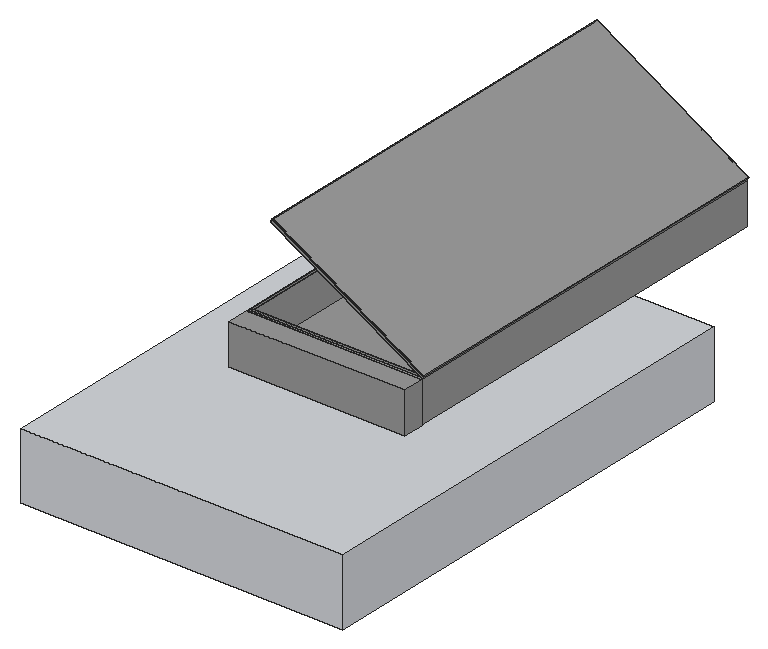
Revit family "Hager-Univers-IP44-D205-H1950-Cl.II-Encl-NoHosted-DE-de", category Equipement électrique, Revit 2020
Family settings
  Hôte = Face
  Configuration du panneau = Deux colonnes, circuits au sein
  Cote de connecteur circulaire = Utiliser le diamètre
  Type d'élément = Tableau de raccordement
  Couper avec des vides une fois chargée = Non
  Partagée = Non
  Point de calcul de pièce = Non
Parameters (values of type "Bodenaufstellung IP44 B800 H1950 T205  - FP23SN2")
  Width Control [instance] = if([EF000008 - Breite] > Min Width, [EF000008 - Breite], Min Width)  # 800 mm
  Commentaires du type = [HG000003 - Bereich]  # "Univers"
  Thickness Door [instance] = if([EF009171 - Materialstärke Tür/Deckel] > 3 mm, 3 mm, [EF009171 - Materialstärke Tür/Deckel])  # 1 mm
  Seal Frame Offset [instance] = 17 mm  # constant formula
  Plinth Visibility [instance] = [HG000027 - Sockelhöhe] > 0 mm  # yes
  Model = ""
  Min Width [instance] = 100 mm  # constant formula
  Min Height [instance] = 100 mm  # constant formula
  Min Depth [instance] = (2 * [EF009170 - Materialstärke Gehäuse]) + 1 mm  # 3 mm
  Internal Frame Depth [instance] = (Door System Depth * 0.5)  # 9 mm
  Height Control [instance] = if([EF000040 - Höhe] > Min Height, [EF000040 - Höhe], Min Height)  # 1950 mm
  HG000027 - Sockelhöhe = 100 mm
  HG000026 - Stehend auf dem Boden = yes
  HG000024 - Höhe des unteren Teils = 800 mm
  HG000023 - Gehäuse mit doppeltem Querschnitt = no
  HG000016 - 3D-Türsichtbarkeit [instance] = yes
  HG000015 - Sichtbarkeit der Türöffnung [instance] = no
  HG000014 - Tür rechts [instance] = yes
  HG000013 - Tür links [instance] = not([HG000014 - Tür rechts])  # no
  HG000012 - Türschwenkwinkel [instance] = 30.00°
  HG000010 - Asymmetrische Türen = no
  HG000009 - Doppelflügeligen Tür = no
  HG000006 - Unterputz = no
  HG000004 - Herstellerreferenz = "FP23SN2"
  HG000003 - Bereich = "Univers"
  HG000002 - Mit tür = yes
  Frame Offset Bottom [instance] = 10 mm  # constant formula
  Frame Offset [instance] = 15 mm  # constant formula
  EF015940 - Deckel mit Überdruckentlastung = no
  EF011959 - Schutzart (NEMA) = ""
  EF009554 - Anzahl der Öffnungen für Flanschplatten = 6
  Fabricant = "Hager"  # constant formula
  EF009212 - Ausführung Deckel = "EV000116 - geschlossen"
  EF009171 - Materialstärke Tür/Deckel = 1 mm
  EF009170 - Materialstärke Gehäuse = 1 mm
  EF008873 - Nennstrom (In) = 400 A
  EF007800 - Geeignet für Blitzschutz = no
  EF006306 - Mit Schloss = no
  EF006244 - Transparenter Deckel/Tür = no
  EF005474 - Schutzart (IP) = "EV006418 - IP44"
  EF004464 - Art der Tür = "EV002646 - Einzel"
  EF004427 - Anzahl der Module = 432
  EF004293 - Schlagfestigkeit = "EV006815 - IK09"
  EF003532 - Geeignet für Außengebrauch = no
  EF002950 - Breite in Teilungseinheiten = 36
  EF001613 - Funktionserhalt = "EV000494 - ohne"
  EF001596 - Werkstoff des Gehäuses = "EV000179 - Stahl"
  EF001131 - Innentiefe = 143 mm
  EF001088 - Anbaumöglichkeit = yes
  EF000437 - Anzahl der Leitungseinführungen = 6
  EF000339 - Art der Abdeckung = "EV001012 - Deckel"
  EF000266 - Anzahl der Reihen = 12
  EF000218 - Einbautiefe = 0 mm
  EF000118 - Mit Montageplatte = no
  EF000116 - RAL-Nummer = "9010"
  EF000049 - Tiefe = 205 mm
  EF000040 - Höhe = 1950 mm
  EF000008 - Breite = 800 mm
  EF000007 - Farbe = "EV000202 - weiß"
  EF000003 - Montageart = "EV012274 - Bodenaufstellung"
  Door System Leaf Tolerance [instance] = 1.5 mm  # constant formula
  Door System Depth [instance] = 18 mm  # constant formula
  Door Height [instance] = Height Control - [HG000027 - Sockelhöhe]  # 1850 mm
  Depth Control [instance] = if([EF000049 - Tiefe] > Min Depth, [EF000049 - Tiefe], Min Depth)  # 205 mm
  Default Elevation = 0 mm
  Connector Offset [instance] = Height Control / 2  # 975 mm
  Bottom Top Plate Trim [instance] = 1.5 mm  # constant formula
  Plinth height Ctrl [instance] = if([HG000027 - Sockelhöhe] > 0 mm, [HG000027 - Sockelhöhe], 12 mm)  # 100 mm
Types (5, lengths in mm): name | Width Control | HG000010 - Asymmetrische Türen | HG000009 - Doppelflügeligen Tür | HG000004 - Herstellerreferenz | EF009554 - Anzahl der Öffnungen für Flanschplatten | EF008873 - Nennstrom (In) | EF004464 - Art der Tür | EF004427 - Anzahl der Module | EF002950 - Breite in Teilungseinheiten | EF000437 - Anzahl der Leitungseinführungen | EF000008 - Breite
  Bodenaufstellung IP44 B1050 H1950 T205  - FP24SN2 | 1050 | no | yes | "FP24SN2" | 8 | 400 A | "EV003602 - Doppel" | 576 | 48 | 8 | 1050
  Bodenaufstellung IP44 B1300 H1950 T205  - FP25SN2 | 1300 | yes | yes | "FP25SN2" | 10 | 400 A | "EV003602 - Doppel" | 720 | 60 | 10 | 1300
  Bodenaufstellung IP44 B300 H1950 T205  - FP21SN2 | 300 | no | no | "FP21SN2" | 2 | 250 A | "EV002646 - Einzel" | 144 | 12 | 2 | 300
  Bodenaufstellung IP44 B550 H1950 T205  - FP22SN2 | 550 | no | no | "FP22SN2" | 4 | 400 A | "EV002646 - Einzel" | 288 | 24 | 4 | 550
  Bodenaufstellung IP44 B800 H1950 T205  - FP23SN2 | 800 | no | no | "FP23SN2" | 6 | 400 A | "EV002646 - Einzel" | 432 | 36 | 6 | 800
Reference planes
  plane 1 "Center (Front/Back)": y = 0
  plane 2: z = 0
  plane 3 "Center (Left/Right)": x = 0
  plane 4: z = 205
  plane 5: y = 101
  plane 6: y = 1025
  plane 7: y = 100
  plane 8: y = 1950
  plane 9: z = 0
  plane 10: x = -385
  plane 11: x = 385
  plane 12: x = 384
  plane 13: x = -384
  plane 14: y = 1949
  plane 15: x = -383
  plane 16: x = -400
  plane 17: x = 383
  plane 18: x = 400
  plane 19: x = 399
  plane 20: x = -399
  plane 21: y = 111
  plane 22: y = 1950
  plane 23: y = 1934
  plane 24: z = 187
  plane 25: z = 1
  plane 26: z = 186
  plane 27: z = 204
Forms (mm)
  Extrusion 1, solid
    sketch origin (0, 0, 0) x (1, 0, 0) y (0, 1, 0)
      loop
        line (-702.964, 1305) -> (-702.964, -811.445) -> (766.763, -811.445) -> (766.763, 1305) -> (-702.964, 1305)
    from 0 to -304.8
  Extrusion 2, solid, material "Hager_Steel_RAL7035_Light_Grey", visible <- "Plinth Visibility", detail levels medium+fine
    sketch origin (0, 0, 0) x (1, 0, 0) y (0, 1, 0)
      loop
        line (-400, 0) -> (400, 0) -> (400, 100) -> (-400, 100) -> (-400, 0)
    from 0 to 187
  Extrusion 3, solid, material "Hager_Steel_RAL7035_Light_Grey", detail levels medium+fine
    sketch origin (0, 0, 0) x (1, 0, 0) y (0, 1, 0)
      loop
        line (-400, 100) -> (400, 100) -> (400, 1950) -> (-400, 1950) -> (-400, 100)
    from 0 to 187
  Extrusion 4, void
    sketch origin (0, 0, 0) x (1, 0, 0) y (0, 1, 0)
      loop
        line (-399, 101) -> (399, 101) -> (399, 1949) -> (-399, 1949) -> (-399, 101)
    from 1 to 186
  Extrusion 5, void
    sketch origin (-381.607, -4572, 187) x (0, -1, 0) y (-1, 0, 0)
      loop
        line (-4683, 2.393) -> (-6506, 2.393) -> (-6506, -765.607) -> (-4683, -765.607) -> (-4683, 2.393)
    from 0 to 1 <- "EF009170 - Materialstärke Gehäuse"
  Extrusion 6, solid, material "Hager_Steel_RAL7035_Light_Grey", detail levels fine
    sketch origin (0, 0, 187) x (1, 0, 0) y (0, 1, 0)
      loop
        line (-384, 1934) -> (-384, 111) -> (384, 111) -> (384, 1934) -> (-384, 1934)
      loop
        line (-385, 110) -> (385, 110) -> (385, 1935) -> (-385, 1935) -> (-385, 110)
    from 0 to 9 <- "Internal Frame Depth"
  Extrusion 7, solid, material "Hager_Steel_RAL7035_Light_Grey", detail levels coarse
    sketch origin (0, 0, 0) x (1, 0, 0) y (0, 1, 0)
      loop
        line (-400, 0) -> (400, 0) -> (400, 1950) -> (-400, 1950) -> (-400, 0)
    from 0 to 205
  Sweep 8, void
    path in 3D
      loop
        line (-400, 100, 0) -> (400, 100, 0) -> (400, 100, 187) -> (-400, 100, 187) -> (-400, 100, 0)
    profile origin (-400, 100, 93.5) x (-1, 0, 0) y (0, -1, 0)
      loop
        line (0, 0) -> (0, 1.5) -> (-1.5, 1.5)
        arc (-1.5, 1.5) -> (-1.061, 0.439) -> (0, 0) r 1.5
Cuts and joins
  Extrusion 4, Extrusion 5 cuts Extrusion 3
  Sweep 8 cuts Extrusion 2
Lines and regions (mm)
  Masking region 1
    outline origin (0, 0, 0) x (1, 0, 0) y (0, 0, 1)
      loop
        line (-400, 205) -> (-400, 0) -> (400, 0) -> (400, 205) -> (-400, 205)
  Masking region 2, detail levels medium+fine
    outline origin (0, 140, 0) x (0, 1, 0) y (0, 0, 1)
      loop
        line (-40, 0) -> (1810, 0) -> (1810, 187) -> (-40, 187) -> (-40, 0)
  Masking region 3, not visible, detail levels medium+fine
    outline origin (0, 297.922, 0) x (0, 1, 0) y (0, 0, 1)
      loop
        line (738.578, 0) -> (778.578, 0) -> (778.578, 194)
        arc (778.578, 194) -> (775.649, 201.071) -> (768.578, 204) r 10
        line (768.578, 204) -> (738.578, 204) -> (738.578, 0)
  Masking region 4, detail levels coarse
    outline origin (0, 0, 180) x (0, 1, 0) y (0, 0, 1)
      loop
        line (0, -180) -> (1950, -180) -> (1950, 25) -> (0, 25) -> (0, -180)
  Masking region 5, visible <- "Plinth Visibility", detail levels medium+fine
    outline origin (0, 52.24, 12.345) x (0, 0, -1) y (0, 1, 0)
      loop
        line (10.845, 47.76) -> (-173.155, 47.76)
        arc (-173.155, 47.76) -> (-173.594, 46.699) -> (-174.655, 46.26) r 1.5
        line (-174.655, 46.26) -> (-174.655, -52.24) -> (12.345, -52.24) -> (12.345, 46.26)
        arc (12.345, 46.26) -> (11.285, 46.699) -> (10.845, 47.76) r 1.5
  Masking region 6, detail levels medium+fine
    outline origin (-381.607, -4572, 187) x (-1, 0, 0) y (0, -1, 0)
      loop
        line (18.393, -6522) -> (18.393, -4672) -> (-781.607, -4672) -> (-781.607, -6522) -> (18.393, -6522)
  Masking region 7, visible <- "Plinth Visibility", detail levels medium+fine
    outline origin (-381.607, -4727, 187) x (-1, 0, 0) y (0, -1, 0)
      loop
        arc (16.893, -4827) -> (17.332, -4825.939) -> (18.393, -4825.5) r 1.5
        line (18.393, -4825.5) -> (18.393, -4727) -> (-781.607, -4727) -> (-781.607, -4825.5)
        arc (-781.607, -4825.5) -> (-780.546, -4825.939) -> (-780.107, -4827) r 1.5
        line (-780.107, -4827) -> (16.893, -4827)
  Masking region 8, detail levels coarse
    outline origin (-442.548, -4669.526, 187) x (-1, 0, 0) y (0, -1, 0)
      loop
        line (-42.548, -6619.526) -> (-42.548, -4669.526) -> (-842.548, -4669.526) -> (-842.548, -6619.526) -> (-42.548, -6619.526)
  sketch lines
    curve 1: line (-400, 100, 187) -> (-400, 100, 0)
    curve 2: line (400, 100, 187) -> (-400, 100, 187)
    curve 3: line (400, 100, 187) -> (400, 100, 0)
    curve 4: line (-400, 100, 0) -> (400, 100, 0)
Dimensions and locks
  "Depth Control": plane 4 to Extrusion 1
  "HG000027 - Sockelhöhe": plane 1 "Center (Front/Back)" to plane 7
  "EF009170 - Materialstärke Gehäuse": plane 5 to plane 7
  locked: connector elem to plane 3 "Center (Left/Right)"
  equal spacing: plane 8, plane 6, plane 7
  locked: connector elem to plane 6
  "EF009170 - Materialstärke Gehäuse": plane 8 to plane 14
  "EF009170 - Materialstärke Gehäuse": plane 10 to plane 13
  "EF009170 - Materialstärke Gehäuse": plane 12 to plane 11
  "Frame Offset": plane 20 to plane 13
  "Frame Offset": plane 12 to plane 19
  "EF009170 - Materialstärke Gehäuse": plane 16 to plane 20
  "EF009170 - Materialstärke Gehäuse": plane 19 to plane 18
  "Seal Frame Offset": plane 16 to plane 15
  "Seal Frame Offset": plane 17 to plane 18
  "Frame Offset Bottom": plane 21 to plane 5
  "Frame Offset": plane 14 to plane 23
  equal spacing: plane 16, plane 3 "Center (Left/Right)", plane 18
  "Width Control": plane 16 to plane 18
  "EF009170 - Materialstärke Gehäuse": plane 4 to plane 27
  "EF009170 - Materialstärke Gehäuse": plane 24 to plane 26
  "EF009170 - Materialstärke Gehäuse": plane 25 to level
  "Door System Depth": plane 4 to plane 24
  "Height Control": plane 1 "Center (Front/Back)" to Extrusion 7 sketch curve
  "Height Control": Masking region 4 sketch curve to plane 1 "Center (Front/Back)"
  "Height Control": plane 1 "Center (Front/Back)" to plane 22
  "Bottom Top Plate Trim": profile plane to Sweep 8 sketch curve
  "Bottom Top Plate Trim": Sweep 8 sketch curve to profile plane
  "Plinth height Ctrl": plane 1 "Center (Front/Back)" to Extrusion 2 sketch curve
  "Plinth height Ctrl": Masking region 5 sketch curve to plane 1 "Center (Front/Back)"
  "Plinth height Ctrl": plane 1 "Center (Front/Back)" to Masking region 7 sketch curve
  "Thickness Door": Extrusion 6 sketch curve to Extrusion 6 sketch curve  (x3)
  "Thickness Door": cut or joined group of Extrusion 3, Extrusion 4, Extrusion 5 to Extrusion 6 sketch curve
  radius of Masking region 3 sketch curve = 10 mm
  "Bottom Top Plate Trim": radius of Masking region 5 sketch curve  (x2)
  "Bottom Top Plate Trim": radius of Sweep 8 sketch curve
  "Bottom Top Plate Trim": radius of Masking region 7 sketch curve  (x2)
  aligned and locked: plane 2 to Extrusion 1
  aligned and locked: level to Extrusion 1
  aligned and locked: level to Masking region 1 sketch curve
  aligned and locked: Masking region 1 sketch curve to plane 18
  aligned and locked: Masking region 1 sketch curve to plane 16
  aligned and locked: plane 7 to Masking region 2 sketch curve
  aligned and locked: level to Masking region 3 sketch curve
  aligned and locked: Masking region 3 sketch curve to plane 27
  aligned and locked: level to Masking region 2 sketch curve
  aligned and locked: plane 1 "Center (Front/Back)" to Extrusion 2 sketch curve
  aligned and locked: Extrusion 3 sketch curve to plane 7
  aligned and locked: plane 16 to Extrusion 3 sketch curve
  aligned and locked: plane 18 to Extrusion 3 sketch curve
  aligned and locked: plane 20 to Extrusion 4 sketch curve
  aligned and locked: plane 19 to Extrusion 4 sketch curve
  aligned and locked: Extrusion 4 sketch curve to plane 5
  aligned and locked: Extrusion 4 to plane 25
  aligned and locked: plane 26 to Extrusion 4
  aligned and locked: plane 24 to Extrusion 3
  aligned and locked: Extrusion 5 sketch curve to plane 21
  aligned and locked: Extrusion 5 sketch curve to plane 13
  aligned and locked: Extrusion 5 sketch curve to plane 12
  aligned and locked: plane 18 to Extrusion 7 sketch curve
  aligned and locked: plane 1 "Center (Front/Back)" to Extrusion 7 sketch curve
  aligned and locked: plane 16 to Extrusion 7 sketch curve
  aligned and locked: plane 4 to Extrusion 7
  aligned and locked: Extrusion 7 to level
  aligned and locked: level to Masking region 4 sketch curve
  aligned and locked: Masking region 4 sketch curve to plane 1 "Center (Front/Back)"
  aligned and locked: Masking region 4 sketch curve to plane 4
  aligned and locked: nested 1 to level
  aligned and locked: nested 1 to plane 16
  aligned and locked: plane 8 to Extrusion 3 sketch curve
  aligned and locked: plane 23 to Extrusion 5 sketch curve
  aligned and locked: plane 14 to Extrusion 4 sketch curve
  aligned and locked: Masking region 2 sketch curve to plane 8
  aligned and locked: level to Masking region 5 sketch curve
  aligned and locked: plane 16 to Extrusion 2 sketch curve
  aligned and locked: plane 18 to Extrusion 2 sketch curve
  aligned and locked: Masking region 5 sketch curve to plane 24
  aligned and locked: Masking region 2 sketch curve to plane 24
  aligned and locked: plane 24 to Extrusion 2
  aligned and locked: profile plane to Sweep 8 sketch curve  (x2)
  aligned and locked: Masking region 6 sketch curve to plane 18
  aligned and locked: Masking region 6 sketch curve to plane 22
  aligned and locked: Masking region 6 sketch curve to plane 16
  aligned and locked: plane 8 to plane 22
  aligned and locked: Masking region 6 sketch curve to plane 7
  aligned and locked: Masking region 7 sketch curve to plane 16
  aligned and locked: Masking region 7 sketch curve to plane 1 "Center (Front/Back)"
  aligned and locked: Masking region 7 sketch curve to plane 18
  aligned and locked: Masking region 8 sketch curve to plane 1 "Center (Front/Back)"
  aligned and locked: Masking region 8 sketch curve to plane 18
  aligned and locked: Masking region 8 sketch curve to plane 22
  aligned and locked: Masking region 8 sketch curve to plane 16
  aligned and locked: nested 2 to plane 7
  aligned and locked: plane 3 "Center (Left/Right)" to nested 2
  aligned and locked: nested 2 to plane 24
  aligned and locked: Extrusion 6 sketch curve to cut or joined group of Extrusion 3, Extrusion 4, Extrusion 5  (x4)
Automatic sketch dimensions
  Extrusion 1 sketch curve to Extrusion 1 sketch curve = 1469.727 mm
  Extrusion 1 sketch curve to Extrusion 1 sketch curve = 2116.445 mm
  Masking region 1 sketch curve to plane 4 = 0 mm
  plane 6 to Masking region 3 sketch curve = 11.5 mm
  Masking region 3 sketch curve to Masking region 3 sketch curve = 30 mm
  Masking region 5 sketch curve to plane 1 "Center (Front/Back)" = 0 mm
Nested families
  nested 1: "Hager_Enclosure_Symbol" at (-400, 0, 0) x (1, 0, 0) z (0, -1, 0), Height <- "Depth Control", Width <- "Width Control", type "Hager_Enclosure_Symbol"
    with Width_Ctrl 800 mm, Width 800 mm, Height_Ctrl 205 mm, Height 205 mm, A_Width_Int 13.453 mm, A_Width 161.438 mm, A_Height_Ctrl 179.375 mm, A_Height 179.375 mm
  nested 2: "EC000058_Univers_Door" at (0, 100, 187) x (1, 0, 0) z (0, 1, 0), Leaf_Tolerance <- "Door System Leaf Tolerance", Angle <- "HG000012 - Türschwenkwinkel", Door_Depth <- "Door System Depth", Door_Left <- "HG000013 - Tür links", Transparent <- "EF006244 - Transparenter Deckel/Tür", Assymetrical <- "HG000010 - Asymmetrische Türen", Width <- "Width Control", Clearance <- "HG000015 - Sichtbarkeit der Türöffnung", Double <- "HG000009 - Doppelflügeligen Tür", 3d_Door <- "HG000016 - 3D-Türsichtbarkeit", Lock_Visibility <- "EF006306 - Mit Schloss", Width_Ctrl <- "Width Control", Door_Right <- "HG000014 - Tür rechts", Door <- "HG000002 - Mit tür", Height <- "Door Height", Thickness <- "Thickness Door", type "EC000058_Univers_Door", detail levels medium+fine
    with min_wh 3 mm, Width_Ctrl 800 mm, Width 800 mm, Transparent no, Thickness 1 mm, Seal_Material Hager_Rubber, Lock_Visibility no, Lock_Material Hager_Plastic_RAL9005_Jet_Black, Leaf_Width 800 mm, Leaf_Tolerance_External_Sides 0 mm, Leaf_Tolerance 1.5 mm, Leaf_Offset 0 mm, Leaf_Height 1847 mm, Leaf_2_Width 800 mm, Leaf_2_Offset 400 mm, Leaf_1_Width 800 mm, Leaf_1_Offset 400 mm, Height_Ctrl 1850 mm, Height 1850 mm, Glass_Material Hager_Glass, Double_Clearance_Ctrl no, Double no, Door_Right_Ctrl yes, Door_Right yes, Door_Material Hager_Steel_RAL7035_Light_Grey, Door_Left_Ctrl no, Door_Left no, Door_Depth 18 mm, Door yes, Clearance_Material Hager_Clearance, Clearance_Depth 800 mm, Clearance_Ctrl no, Clearance no, Assymetrical no, Angle 30.00°, 3d_Door yes
Connectors
  electrical at (0, 1025, 0)
    settings: on plane 9, index 1, voltage 0 V, apparent load 0 VA, apparent load phase1 0 VA, apparent load phase2 0 VA, apparent load phase3 0 VA, power factor 1, load classification "Other", number of poles 1, system type 30, power factor state 1, is connector primary yes, connector utility no, sub classification motor no, connector description ""
Definition of nested family "EC000058_Univers_Door"
  Parameters (values of type "EC000058_Univers_Door")
    min_wh [instance] = (2 * Thickness) + 1 mm  # 11 mm
    Width_Ctrl [instance] = 400 mm
    Width [instance] = 500 mm
    Transparent [instance] = yes
    Thickness [instance] = 5 mm
    Seal_Material [instance] = none
    Lock_Visibility [instance] = yes
    Lock_Material [instance] = none
    Leaf_Width [instance] = if((Width_Ctrl - 2 * Leaf_Tolerance_External_Sides) > 0 mm, (Width_Ctrl - 2 * Leaf_Tolerance_External_Sides), min_wh)  # 400 mm
    Leaf_Tolerance_External_Sides [instance] = 0 mm  # constant formula
    Leaf_Tolerance [instance] = 1.5 mm
    Leaf_Offset [instance] = 0 mm  # constant formula
    Leaf_Height [instance] = if((Height_Ctrl - 2 * Leaf_Tolerance) > 0 mm, (Height_Ctrl - 2 * Leaf_Tolerance), min_wh)  # 497 mm
    Leaf_2_Width [instance] = if(and(and(Double, Assymetrical), Door_Left), (Leaf_Width / 3) - (Leaf_Tolerance / 2), if(and(and(Double, Assymetrical), Door_Right), (Leaf_Width / 3) * 2 - (Leaf_Tolerance / 2), if(and(Double, not(Assymetrical)), (Leaf_Width / 2) - Leaf_Tolerance, Leaf_Width)))  # 400 mm
    Leaf_2_Offset [instance] = if(and(Double, Assymetrical), Leaf_2_Width / 2, if(and(Double, not(Assymetrical)), Leaf_Width / 4, Leaf_Width / 2))  # 200 mm
    Leaf_1_Width [instance] = if(and(and(Double, Assymetrical), Door_Right), (Leaf_Width / 3) - (Leaf_Tolerance / 2), if(and(and(Double, Assymetrical), Door_Left), (Width / 3) * 2 - (Leaf_Tolerance / 2), if(and(Double, not(Assymetrical)), (Leaf_Width / 2) - Leaf_Tolerance, Leaf_Width)))  # 400 mm
    Leaf_1_Offset [instance] = if(and(Double, Assymetrical), Leaf_1_Width / 2, if(and(Double, not(Assymetrical)), Leaf_Width / 4, Leaf_Width / 2))  # 200 mm
    Height_Ctrl [instance] = if(Height > min_wh, Height, min_wh)  # 500 mm
    Height [instance] = 500 mm
    Glass_Material [instance] = none
    Double_Clearance_Ctrl [instance] = and(Double, Clearance)  # no
    Double [instance] = no
    Door_Right_Ctrl [instance] = and(or(Door_Right, Double), Door)  # yes
    Door_Right [instance] = yes
    Door_Material [instance] = none
    Door_Left_Ctrl [instance] = and(or(Door_Left, Double), Door)  # no
    Door_Left [instance] = no
    Door_Depth [instance] = 30 mm
    Door [instance] = yes
    Default Elevation = 1219.2 mm
    Clearance_Material [instance] = none
    Clearance_Depth [instance] = if(Leaf_1_Width > Leaf_2_Width, Leaf_1_Width, Leaf_2_Width)  # 400 mm
    Clearance_Ctrl [instance] = and(not(Double), Clearance)  # yes
    Clearance [instance] = yes
    Assymetrical [instance] = yes
    Angle [instance] = 30.00°
    3d_Door [instance] = yes
  Reference planes
    plane 1 "Center (Front/Back)": y = 0
    plane 2 "Bottom": z = 0
    plane 3 "Center (Left/Right)": x = 0
    plane 4: z = 500
    plane 5: x = -200
    plane 6: x = 200
    plane 7: z = 500
    plane 8: x = -200
    plane 9: z = 0
    plane 10: x = 200
    plane 11: y = 0
    plane 12: z = 1.5
    plane 13: x = -600
    plane 14: y = -400
    plane 15: x = 600
    plane 16: x = 0
    plane 17: x = 0
    plane 18: x = -200
    plane 19: x = 200
    plane 20: z = 498.5
  Forms (mm)
    Extrusion 1, solid, material <- "Clearance_Material", visible <- "Double_Clearance_Ctrl"
      sketch origin (1200, 0, 0) x (1, 0, 0) y (0, 0, -1)
        loop
          line (-1800, -498.5) -> (-600, -498.5) -> (-600, 0) -> (-1800, 0) -> (-1800, -498.5)
      from 0 to -400
  Dimensions and locks
    equal spacing: plane 5, plane 3 "Center (Left/Right)", plane 6
    "Width_Ctrl": plane 5 to plane 6
    "Leaf_Offset": plane 5 to plane 8
    "Leaf_Offset": plane 6 to plane 10
    "Leaf_Offset": plane 9 to level
    "Leaf_Offset": plane 4 to plane 7
    "Height_Ctrl": plane 4 to level
    "Leaf_Tolerance": plane 12 to plane 9
    locked: plane 11 to plane 1 "Center (Front/Back)"
    "Leaf_1_Offset": plane 18 to plane 16
    "Leaf_2_Offset": plane 17 to plane 19
    "Leaf_1_Width": plane 13 to plane 8
    "Leaf_2_Width": plane 10 to plane 15
    "Clearance_Depth": plane 14 to plane 1 "Center (Front/Back)"
    "Leaf_Tolerance_External_Sides": plane 8 to plane 18
    "Leaf_Tolerance_External_Sides": plane 19 to plane 10
    "Leaf_Tolerance": plane 7 to plane 20
    aligned and locked: level to plane 2 "Bottom"
    aligned and locked: nested 1 to plane 16
    aligned and locked: nested 2 to plane 17
    aligned and locked: Extrusion 1 to plane 13
    aligned and locked: plane 15 to Extrusion 1
    aligned and locked: Extrusion 1 to plane 14
    aligned and locked: plane 12 to nested 1
    aligned and locked: nested 2 to plane 12
    aligned and locked: Extrusion 1 to plane 11
    aligned and locked: plane 20 to Extrusion 1
    aligned and locked: nested 2 to plane 11
    aligned and locked: nested 1 to plane 11
  Automatic sketch dimensions
    Extrusion 1 sketch curve to level = 0 mm
    plane 5 to Extrusion 1 sketch curve = 400 mm
    plane 6 to Extrusion 1 sketch curve = 400 mm
    Extrusion 1 sketch curve to plane 4 = 1.5 mm
  Nested families
    nested 1: "EC000058_Univers_Door_Leaf" at (0, 0, 1.5), Width <- "Leaf_1_Width", visible <- "Door_Left_Ctrl", Leaf_Height <- "Leaf_Height", Angle <- "Angle", 3d_Door <- "3d_Door", Transparent <- "Transparent", Clearance Material <- "Clearance_Material", Clearance <- "Clearance_Ctrl", Door_Material <- "Door_Material", Glass_Material <- "Glass_Material", Door_Depth <- "Door_Depth", Lock_Material <- "Lock_Material", Seal_Material <- "Seal_Material", Lock_Visibility <- "Lock_Visibility", Thickness <- "Thickness", type "EC000058_Univers_Door_Leaf"
      with Width 400 mm, Transparent_Glass_Offset 30 mm, Transparent_Ctrl yes, Transparent yes, Thickness 5 mm, Standard no, Seal_Material none, Seal_D2 8 mm, Seal_D1 1 mm, Offset_Internal_Frame 10 mm, Lock_Width 20 mm, Lock_Visibility_3d yes, Lock_Visibility yes, Lock_Thickness_3 3 mm, Lock_Thickness_2 1 mm, Lock_Thickness_1 3 mm, Lock_Radius_Offset_2 16 mm, Lock_Radius_Offset_1 15 mm, Lock_Radius_2 5 mm, Lock_Radius 6 mm, Lock_Offset 5 mm, Lock_Material none, Lock_Height 80 mm, Lock_Cover_Top_Offset_2d 17 mm, Lock_Cover_Height -65 mm, Leaf_Height 497 mm, Internal_Seal_Thickness 8 mm, Internal_Seal_Depth_2 4.5 mm, Internal_Frame_Depth 25 mm, Glass_Thickness -1 mm, Glass_Offset -2 mm, Glass_Material none, Door_Material none, Door_Depth 30 mm, Clearance Material none, Clearance yes, Angle_Ctrl 30.00°, Angle 30.00°, 3d_Door yes
    nested 2: "EC000058_Univers_Door_Leaf" at (0, 0, 1.5) x (-1, 0, 0) z (0, 0, 1), Width <- "Leaf_2_Width", visible <- "Door_Right_Ctrl", Leaf_Height <- "Leaf_Height", Angle <- "Angle", 3d_Door <- "3d_Door", Transparent <- "Transparent", Clearance Material <- "Clearance_Material", Clearance <- "Clearance_Ctrl", Door_Material <- "Door_Material", Glass_Material <- "Glass_Material", Door_Depth <- "Door_Depth", Lock_Material <- "Lock_Material", Seal_Material <- "Seal_Material", Lock_Visibility <- "Lock_Visibility", Thickness <- "Thickness", type "EC000058_Univers_Door_Leaf"
      with Width 400 mm, Transparent_Glass_Offset 30 mm, Transparent_Ctrl yes, Transparent yes, Thickness 5 mm, Standard no, Seal_Material none, Seal_D2 8 mm, Seal_D1 1 mm, Offset_Internal_Frame 10 mm, Lock_Width 20 mm, Lock_Visibility_3d yes, Lock_Visibility yes, Lock_Thickness_3 3 mm, Lock_Thickness_2 1 mm, Lock_Thickness_1 3 mm, Lock_Radius_Offset_2 16 mm, Lock_Radius_Offset_1 15 mm, Lock_Radius_2 5 mm, Lock_Radius 6 mm, Lock_Offset 5 mm, Lock_Material none, Lock_Height 80 mm, Lock_Cover_Top_Offset_2d 17 mm, Lock_Cover_Height -65 mm, Leaf_Height 497 mm, Internal_Seal_Thickness 8 mm, Internal_Seal_Depth_2 4.5 mm, Internal_Frame_Depth 25 mm, Glass_Thickness -1 mm, Glass_Offset -2 mm, Glass_Material none, Door_Material none, Door_Depth 30 mm, Clearance Material none, Clearance yes, Angle_Ctrl 30.00°, Angle 30.00°, 3d_Door yes
  Definition of nested family "EC000058_Univers_Door_Leaf"
    Parameters (values of type "EC000058_Univers_Door_Leaf")
      Width [instance] = 2000 mm
      Transparent_Glass_Offset [instance] = 30 mm
      Transparent_Ctrl [instance] = and(Transparent, [3d_Door])  # yes
      Transparent [instance] = yes
      Thickness [instance] = 5 mm
      Standard [instance] = and(not(Transparent), [3d_Door])  # no
      Seal_Material [instance] = none
      Seal_D2 [instance] = 8 mm  # constant formula
      Seal_D1 [instance] = 1 mm  # constant formula
      Offset_Internal_Frame [instance] = 10 mm  # constant formula
      Lock_Width [instance] = 20 mm  # constant formula
      Lock_Visibility_3d [instance] = and(Lock_Visibility, [3d_Door])  # yes
      Lock_Visibility [instance] = yes
      Lock_Thickness_3 [instance] = 3 mm  # constant formula
      Lock_Thickness_2 [instance] = 1 mm  # constant formula
      Lock_Thickness_1 [instance] = 3 mm  # constant formula
      Lock_Radius_Offset_2 [instance] = Lock_Radius_Offset_1 + 1 mm  # 16 mm
      Lock_Radius_Offset_1 [instance] = 15 mm  # constant formula
      Lock_Radius_2 [instance] = Lock_Radius - 1 mm  # 5 mm
      Lock_Radius [instance] = 6 mm  # constant formula
      Lock_Offset [instance] = 5 mm  # constant formula
      Lock_Material [instance] = none
      Lock_Height [instance] = 80 mm  # constant formula
      Lock_Cover_Top_Offset_2d [instance] = Lock_Radius_Offset_2 + 1 mm  # 17 mm
      Lock_Cover_Height [instance] = -(Lock_Height - Lock_Radius_Offset_1)  # -65 mm
      Leaf_Height [instance] = 2720.336 mm
      Internal_Seal_Thickness [instance] = 8 mm  # constant formula
      Internal_Seal_Depth_2 [instance] = 4.5 mm  # constant formula
      Internal_Frame_Depth [instance] = if(Door_Depth - Thickness > 5 mm, Door_Depth - Thickness, 5 mm)  # 25 mm
      Glass_Thickness [instance] = if(Thickness > 15 mm, Glass_Offset + 10 mm, -1 mm)  # -1 mm
      Glass_Offset [instance] = if(Thickness > 15 mm, -(Thickness + 10 mm) / 2, -2 mm)  # -2 mm
      Glass_Material [instance] = none
      Door_Material [instance] = none
      Door_Depth [instance] = 30 mm
      Default Elevation = 0 mm
      Clearance Material [instance] = none
      Clearance [instance] = yes
      Angle_Ctrl [instance] = if(Angle > 180.00°, 180.00°, Angle)  # 90.00°
      Angle [instance] = 90.00°
      3d_Door [instance] = yes
    Reference planes
      plane 1 "Center (Front/Back)": y = 0
      plane 2: z = 0
      plane 3 "Center (Left/Right)": x = 0
      plane 4: y = 2000
      plane 5: x = -1000
      plane 6: x = 1000
      plane 7: x = -3000
      plane 8: z = 2720.336
      plane 9: z = 30
      plane 10: z = 2690.336
      plane 11: x = 970
      plane 12: x = -970
      plane 13: y = -3
      plane 14: z = 107.833
      plane 15: y = -5
      plane 16: y = -223.314
      plane 17: x = -1000
      plane 18: z = 1360.168
      plane 19: y = 30
    Forms (mm)
      Extrusion 1, solid, material <- "Clearance Material", visible <- "Clearance"
        sketch origin (0, 0, 0) x (1, 0, 0) y (0, 0, 1)
          loop
            line (-3000, 2720.336) -> (-3000, 0) -> (1000, 0) -> (1000, 2720.336) -> (-3000, 2720.336)
        from 0 to -2000
      Extrusion 2, solid, material <- "Door_Material", visible <- "Standard", detail levels medium+fine
        sketch origin (-1000, 0, 0) x (0, 1, 0) y (-1, 0, 0)
          loop
            line (0, 30) -> (0, 25) -> (2000, 25) -> (2000, 30) -> (0, 30)
        from 0 to 2720.336 <- "Leaf_Height"
      Extrusion 3, solid, material <- "Door_Material", visible <- "Transparent_Ctrl", detail levels medium+fine
        sketch origin (-1000, 0, 0) x (0, 1, 0) y (-1, 0, 0)
          loop
            line (0, 25) -> (2000, 25) -> (2000, 30) -> (0, 30) -> (0, 25)
        from 0 to 2720.336 <- "Leaf_Height"
      Extrusion 4, void
        sketch origin (-1025, 2000, 0) x (0, 1, 0) y (0, 0, -1)
          loop
            line (-30, -2690.336) -> (-30, -30) -> (-1970, -30) -> (-1970, -2690.336) -> (-30, -2690.336)
        from 0 to 5 <- "Thickness"
      Sweep 5, solid, material <- "Seal_Material", visible <- "Transparent_Ctrl", detail levels fine
        path in 3D
          loop
            line (-1025, 30, 30) -> (-1025, 30, 2690.336) -> (-1025, 1970, 2690.336) -> (-1025, 1970, 30) -> (-1025, 30, 30)
        profile origin (-1025, 1000, 30) x (1, 0, 0) y (0, 0, 1)
          loop
            line (0, 0) -> (0, -8) -> (1, -8) -> (1, 0) -> (0, 0)
      Extrusion 6, solid, material <- "Glass_Material", visible <- "Transparent_Ctrl", detail levels medium+fine
        sketch origin (-1030, 0, 0) x (0, 1, 0) y (0, 0, -1)
          loop
            line (1970, -2690.336) -> (1970, -30) -> (30, -30) -> (30, -2690.336) -> (1970, -2690.336)
        from -2 <- "Glass_Offset" to -1 <- "Glass_Thickness"
      Extrusion 7, solid, material <- "Door_Material", visible <- "3d_Door", detail levels medium+fine
        sketch origin (-1025, 2000, 0) x (0, -1, 0) y (0, 0, -1)
          loop
            line (0, -2720.336) -> (2000, -2720.336) -> (2000, 0) -> (0, 0) -> (0, -2720.336)
          loop
            line (1995, -5) -> (5, -5) -> (5, -2715.336) -> (1995, -2715.336) -> (1995, -5)
        from 0 to 25 <- "Internal_Frame_Depth"
      Sweep 8, solid, material <- "Seal_Material", visible <- "Transparent_Ctrl", detail levels fine
        path in 3D
          loop
            line (-1025, 0, 0) -> (-1025, 2000, 0) -> (-1025, 2000, 2720.336) -> (-1025, 0, 2720.336) -> (-1025, 0, 0)
        profile origin (-1025, 0, 1360.168) x (1, 0, 0) y (0, 1, 0)
          loop
            line (0, 10) -> (2.975, 10)
            arc (2.975, 10) -> (4.053, 10.447) -> (4.5, 11.525) r 1.525
            line (4.5, 11.525) -> (4.5, 16.527)
            arc (4.5, 16.527) -> (4.069, 17.569) -> (3.027, 18) r 1.473
            line (3.027, 18) -> (0, 18) -> (0, 10)
      Extrusion 9, solid, material <- "Lock_Material", visible <- "Lock_Visibility_3d", detail levels fine
        sketch origin (-1030, 0, 0) x (0, 1, 0) y (0, 0, -1)
          loop
            arc (1993.5, -1400.168) -> (1994.561, -1399.729) -> (1995, -1398.668) r 1.5
            line (1995, -1398.668) -> (1995, -1320.168) -> (1975, -1320.168) -> (1975, -1398.668)
            arc (1975, -1398.668) -> (1975.439, -1399.729) -> (1976.5, -1400.168) r 1.5
            line (1976.5, -1400.168) -> (1993.5, -1400.168)
        from 3 <- "Lock_Thickness_1" to 0
      Blend 10, solid, material <- "Lock_Material", visible <- "Lock_Visibility_3d", detail levels fine
        base sketch origin (-1033, 0, 0) x (0, 1, 0) y (0, 0, -1)
          loop
            line (1975, -1320.168) -> (1975, -1398.668)
            arc (1975, -1398.668) -> (1975.439, -1399.729) -> (1976.5, -1400.168) r 1.5
            line (1976.5, -1400.168) -> (1993.5, -1400.168)
            arc (1993.5, -1400.168) -> (1994.561, -1399.729) -> (1995, -1398.668) r 1.5
            line (1995, -1398.668) -> (1995, -1320.168) -> (1975, -1320.168)
        top sketch origin (-1033, 0, 0) x (0, 1, 0) y (0, 0, -1)
          loop
            line (1976, -1320.168) -> (1976, -1398.668)
            arc (1976, -1398.668) -> (1976.146, -1399.022) -> (1976.5, -1399.168) r 0.5
            line (1976.5, -1399.168) -> (1993.5, -1399.168)
            arc (1993.5, -1399.168) -> (1993.854, -1399.022) -> (1994, -1398.668) r 0.5
            line (1994, -1398.668) -> (1994, -1320.168) -> (1976, -1320.168)
        from 0 to 1 <- "Lock_Thickness_2"
      Blend 11, solid, material <- "Lock_Material", visible <- "Lock_Visibility_3d", detail levels fine
        base sketch origin (-1034, 0, 0) x (0, 1, 0) y (0, 0, -1)
          loop
            line (1978, -1320.168) -> (1978, -1384.168)
            arc (1978, -1384.168) -> (1985, -1391.168) -> (1992, -1384.168) r 7
            line (1992, -1384.168) -> (1992, -1320.168) -> (1978, -1320.168)
        top sketch origin (-1034, 0, 0) x (0, 1, 0) y (0, 0, -1)
          loop
            line (1991, -1320.168) -> (1979, -1320.168) -> (1979, -1383.168)
            arc (1979, -1383.168) -> (1985, -1389.168) -> (1991, -1383.168) r 6
            line (1991, -1383.168) -> (1991, -1320.168)
        from 0 to 3 <- "Lock_Thickness_3"
      Extrusion 12, solid, material <- "Lock_Material", visible <- "Lock_Visibility_3d", detail levels fine
        sketch origin (-1030, 1975, 1320.168) x (1, 0, 0) y (0, -1, 0)
          loop
            line (-7, -19) -> (-7, -1) -> (0, -1) -> (0, 0) -> (-8, 0) -> (-8, -20) -> (0, -20) -> (0, -19) -> (-7, -19)
        from 0 to -65 <- "Lock_Cover_Height"
      Extrusion 13, void
        sketch origin (-1038, 1995, 1320.168) x (-1, 0, 0) y (0, 0, -1)
          loop
            line (-5, -65) -> (0, -65) -> (-5, -60) -> (-5, -65)
        from 0 to 20 <- "Lock_Width"
      Extrusion 14, void
        sketch origin (-1038, 1975, 1320.168) x (0, -1, 0) y (0, 0, -1)
          loop
            circle (-10, -15.995) r 6
          loop
            circle (-10, -15.995) r 5
        from 0 to 2
      Extrusion 15, solid, material <- "Lock_Material", visible <- "Lock_Visibility_3d", detail levels medium
        sketch origin (-1030, 0, 0) x (0, 1, 0) y (0, 0, -1)
          loop
            arc (1993.5, -1400.168) -> (1994.561, -1399.729) -> (1995, -1398.668) r 1.5
            line (1995, -1398.668) -> (1995, -1320.168) -> (1975, -1320.168) -> (1975, -1398.668)
            arc (1975, -1398.668) -> (1975.439, -1399.729) -> (1976.5, -1400.168) r 1.5
            line (1976.5, -1400.168) -> (1993.5, -1400.168)
        from 8 to 0
    Cuts and joins
      Extrusion 4 cuts Extrusion 3
      Extrusion 13, Extrusion 14 cuts Extrusion 9
      Extrusion 14 cuts Blend 11
      Extrusion 13, Extrusion 14 cuts Extrusion 12
      joined: Extrusion 9, Blend 10, Blend 11, Extrusion 12
      Extrusion 14 cuts Extrusion 15
    Lines and regions (mm)
      Masking region 1, visible <- "Lock_Visibility", detail levels fine
        outline origin (0, 0, 0) x (0, 1, 0) y (0, 0, 1)
          loop
            line (30, 1320.168) -> (33, 1320.168) -> (33, 1400.168) -> (30, 1400.168) -> (30, 1320.168)
      Masking region 2, visible <- "Lock_Visibility", detail levels fine
        outline origin (0, 3.143, 0) x (0, 1, 0) y (0, 0, 1)
          loop
            line (29.857, 1354.168) -> (30.857, 1354.168) -> (30.857, 1366.168) -> (29.857, 1366.168) -> (29.857, 1354.168)
      Masking region 3, detail levels medium+fine
        outline origin (0, 0, 0) x (0, 1, 0) y (0, 0, 1)
          loop
            line (0, 0) -> (30, 0) -> (30, 2720.336) -> (0, 2720.336) -> (0, 0)
      Masking region 4, detail levels medium+fine
        outline origin (0, 0, 0) x (1, 0, 0) y (0, 0, 1)
          loop
            line (-1000, 2720.336) -> (-1000, 0) -> (1000, 0) -> (1000, 2720.336) -> (-1000, 2720.336)
      Masking region 5, visible <- "Lock_Visibility", detail levels fine
        outline origin (-47.116, 0, 0) x (1, 0, 0) y (0, 0, 1)
          loop
            arc (1024.616, 1399.168) -> (1023.556, 1398.729) -> (1023.116, 1397.668) r 1.5
            line (1023.116, 1397.668) -> (1023.116, 1320.168) -> (1041.116, 1320.168) -> (1041.116, 1397.668)
            arc (1041.116, 1397.668) -> (1040.677, 1398.729) -> (1039.616, 1399.168) r 1.5
            line (1039.616, 1399.168) -> (1024.616, 1399.168)
      Masking region 6, visible <- "Lock_Visibility", detail levels medium+fine
        outline origin (-25, 0, 0) x (1, 0, 0) y (0, 0, 1)
          loop
            arc (1001.5, 1400.168) -> (1000.439, 1399.729) -> (1000, 1398.668) r 1.5
            line (1000, 1398.668) -> (1000, 1320.168) -> (1020, 1320.168) -> (1020, 1398.668)
            arc (1020, 1398.668) -> (1019.561, 1399.729) -> (1018.5, 1400.168) r 1.5
            line (1018.5, 1400.168) -> (1001.5, 1400.168)
      Masking region 7, visible <- "Lock_Visibility", detail levels fine
        outline origin (-73.735, 0, 0) x (1, 0, 0) y (0, 0, 1)
          loop
            line (1051.735, 1382.168) -> (1065.735, 1382.168) -> (1065.735, 1384.168)
            arc (1065.735, 1384.168) -> (1058.735, 1391.168) -> (1051.735, 1384.168) r 7
            line (1051.735, 1384.168) -> (1051.735, 1382.168)
      Masking region 8, visible <- "Lock_Visibility", detail levels fine
        outline origin (-73.735, 0, 0) x (1, 0, 0) y (0, 0, 1)
          loop
            line (1052.735, 1382.168) -> (1064.735, 1382.168) -> (1064.735, 1383.168)
            arc (1064.735, 1383.168) -> (1058.735, 1389.168) -> (1052.735, 1383.168) r 6
            line (1052.735, 1383.168) -> (1052.735, 1382.168)
      Masking region 9, visible <- "Lock_Visibility", detail levels fine
        outline origin (-25, 0, 0) x (1, 0, 0) y (0, 0, 1)
          loop
            line (1020, 1320.168) -> (1020, 1382.168) -> (1000, 1382.168) -> (1000, 1320.168) -> (1020, 1320.168)
      Masking region 10, detail levels medium+fine
        outline origin (0, 0, 0) x (1, 0, 0) y (0, 0, 1)
          loop
            circle (985, 1335.144) r 6
      Masking region 11, detail levels fine
        outline origin (0, 0, 0) x (1, 0, 0) y (0, 0, 1)
          loop
            circle (985, 1335.144) r 5
      Masking region 12, visible <- "Lock_Visibility", detail levels fine
        outline origin (0, 12.767, 0) x (0, 1, 0) y (0, 0, 1)
          loop
            line (20.233, 1320.168) -> (21.233, 1320.168) -> (21.233, 1399.168) -> (20.233, 1400.168) -> (20.233, 1320.168)
      Masking region 13, visible <- "Lock_Visibility", detail levels fine
        outline origin (0, 13.767, -10) x (0, 1, 0) y (0, 0, 1)
          loop
            line (20.233, 1330.168) -> (23.233, 1330.168) -> (23.233, 1399.168) -> (20.233, 1402.168) -> (20.233, 1330.168)
      Masking region 14, visible <- "Lock_Visibility", detail levels fine
        outline origin (0, 12.767, -10) x (0, 1, 0) y (0, 0, 1)
          loop
            line (20.233, 1330.168) -> (25.233, 1330.168) -> (25.233, 1399.305) -> (20.233, 1394.305) -> (20.233, 1330.168)
      Masking region 15, visible <- "Lock_Visibility", detail levels medium
        outline origin (0, 0, 0) x (0, 1, 0) y (0, 0, 1)
          loop
            line (30, 1320.168) -> (38, 1320.168) -> (38, 1400.168) -> (30, 1400.168) -> (30, 1320.168)
      Masking region 16, visible <- "Lock_Visibility", detail levels fine
        outline origin (-1000, 0, 0) x (0, 1, 0) y (-1, 0, 0)
          loop
            line (1975, 30) -> (1995, 30) -> (1995, 38) -> (1975, 38) -> (1975, 30)
          loop
            line (1979, 37) -> (1976, 37) -> (1976, 34) -> (1978, 34) -> (1979, 37)
          loop
            line (1994, 37) -> (1991, 37) -> (1992, 34) -> (1994, 34) -> (1994, 37)
      Masking region 17, visible <- "Lock_Visibility", detail levels medium
        outline origin (-1000, 0, 0) x (0, 1, 0) y (-1, 0, 0)
          loop
            line (1975, 30) -> (1995, 30) -> (1995, 38) -> (1975, 38) -> (1975, 30)
      symbolic lines
        curve 1: line (1000, 0, 0) -> (-3000, 0, 0)
        curve 2: arc (1000, 0, 0) -> (-1000, 2000, 0) -> (-3000, 0, 0) r 2000
        curve 4: line (-1030, 0, 0) -> (-1030, 2000, 0)
      reference lines
        curve 3: line (-1000, 0, 0) -> (-1000, 2000, 0)
      symbolic lines, detail levels medium+fine
        curve 5: line (-1030, 2000, 0) -> (-1025, 2000, 0)
        curve 7: line (-1025, 0, 0) -> (-1030, 0, 0)
        curve 8: line (-1025, 0, 0) -> (-1000, 0, 0)
        curve 9: line (-1000, 0, 0) -> (-1000, 2000, 0)
        curve 10: line (-1000, 2000, 0) -> (-1025, 2000, 0)
      symbolic lines, detail levels fine
        curve 6: line (-1025, 2000, 0) -> (-1025, 0, 0)
      sketch lines
        curve 11: line (-1025, 0, 2720.336) -> (-1025, 0, 0)
        curve 12: line (-1025, 2000, 0) -> (-1025, 0, 0)
        curve 13: line (-1025, 2000, 2720.336) -> (-1025, 2000, 0)
        curve 14: line (-1025, 0, 2720.336) -> (-1025, 2000, 2720.336)
        curve 15: line (-1025, 1970, 30) -> (-1025, 30, 30)
        curve 16: line (-1025, 30, 30) -> (-1025, 30, 2690.336)
        curve 17: line (-1025, 1970, 2690.336) -> (-1025, 1970, 30)
        curve 18: line (-1025, 30, 2690.336) -> (-1025, 1970, 2690.336)
      symbolic lines, visible <- "Transparent", detail levels medium+fine
        curve 19: line (-970, 0, 2690.336) -> (970, 0, 2690.336)
        curve 20: line (-970, 0, 30) -> (-970, 0, 2690.336)
        curve 21: line (970, 0, 30) -> (-970, 0, 30)
        curve 22: line (970, 0, 2690.336) -> (970, 0, 30)
    Dimensions and locks
      "Width": plane 1 "Center (Front/Back)" to plane 4
      equal spacing: plane 5, plane 3 "Center (Left/Right)", plane 6
      "Width": plane 5 to plane 6
      "Width": plane 7 to plane 5
      "Leaf_Height": plane 8 to level
      "Width": curve 5 to curve 3
      "Width": curve 3 to curve 3
      plane 8 to plane 10 = 30 mm
      plane 9 to level = 30 mm
      plane 12 to plane 5 = 30 mm
      plane 6 to plane 11 = 30 mm
      Extrusion 1 to Extrusion 4 sketch curve = 30 mm
      "Transparent_Glass_Offset": curve 3 to Extrusion 4 sketch curve
      "Transparent_Glass_Offset": Extrusion 4 sketch curve to cut or joined group of Extrusion 3, Extrusion 4  (x2)
      cut or joined group of Extrusion 3, Extrusion 4 to Extrusion 6 sketch curve = 30 mm
      "Transparent_Glass_Offset": cut or joined group of Extrusion 3, Extrusion 4 to Extrusion 4 sketch curve
      "Thickness": curve 6 to curve 4
      "Thickness": Extrusion 7 sketch curve to Extrusion 7 sketch curve  (x4)
      "Door_Depth": curve 4 to curve 3
      "Offset_Internal_Frame": profile plane to Sweep 8 sketch curve
      "Internal_Seal_Thickness": Sweep 8 sketch curve to Sweep 8 sketch curve
      "Internal_Seal_Depth_2": profile plane to Sweep 8 sketch curve
      "Seal_D1": profile plane to Sweep 5 sketch curve
      "Seal_D2": profile plane to Sweep 5 sketch curve
      "Thickness": Extrusion 2 sketch curve to Extrusion 2 sketch curve
      equal spacing: Extrusion 9 sketch curve, plane 18, Extrusion 9 sketch curve  (x2)
      equal spacing: Masking region 1 sketch curve, plane 18, Masking region 1 sketch curve
      "Lock_Height": Masking region 1 sketch curve to Masking region 1 sketch curve
      "Lock_Radius": Masking region 2 sketch curve to plane 18 to Masking region 2 sketch curve
      Masking region 2 sketch curve to Masking region 1 = 1 mm
      "Door_Depth": plane 19 to plane 1 "Center (Front/Back)"
      "Lock_Thickness_1": Masking region 1 sketch curve to plane 19
      "Lock_Width": Extrusion 9 sketch curve to Extrusion 9 sketch curve
      "Lock_Height": Extrusion 9 sketch curve to Extrusion 9 sketch curve
      "Lock_Offset": cut or joined group of Extrusion 3, Extrusion 4 to Extrusion 9 sketch curve
      equal spacing: plane 8, plane 18, level
      "Lock_Radius_Offset_1": Blend 11 sketch curve to Blend 10
      locked: Blend 10 to Blend 11 sketch curve at 2  (x2)
      locked: var sketch to Blend 11 sketch curve at 1  (x2)
      "Lock_Radius_Offset_2": Blend 11 sketch curve to Blend 10
      locked: Extrusion 12 sketch curve to Extrusion 12 sketch curve at 1  (x3)
      Masking region 6 sketch curve to Masking region 6 sketch curve = 80 mm
      "Lock_Height": Masking region 6 sketch curve to Masking region 6 sketch curve
      "Lock_Width": Masking region 6 sketch curve to Masking region 6 sketch curve
      locked: Masking region 6 to Masking region 5 sketch curve at 1  (x3)
      locked: Masking region 5 to Masking region 7 sketch curve at 2  (x2)
      "Lock_Radius_Offset_1": Masking region 5 to Masking region 7 sketch curve
      "Lock_Radius_Offset_2": Masking region 5 to Masking region 8 sketch curve
      locked: Masking region 7 to Masking region 8 sketch curve at 1  (x2)
      "Lock_Cover_Top_Offset_2d": Masking region 5 to Masking region 9 sketch curve
      equal spacing: Masking region 9, Masking region 10 sketch curve, Masking region 9
      equal spacing: Masking region 9, Masking region 11 sketch curve, Masking region 9
      Extrusion 15 sketch curve to Extrusion 15 sketch curve = 80 mm
      "Lock_Width": Extrusion 15 sketch curve to Extrusion 15 sketch curve
      "Lock_Height": Extrusion 15 sketch curve to Extrusion 15 sketch curve
      equal spacing: Extrusion 15 sketch curve, plane 18, Extrusion 15 sketch curve
      "Lock_Thickness_3": Masking region 13 sketch curve to Masking region 13 sketch curve
      "Lock_Height": Masking region 12 sketch curve to Masking region 12 sketch curve
      locked: Masking region 13 sketch curve to Masking region 1 at 8
      locked: Masking region 14 sketch curve to Masking region 13 at 1
      locked: Masking region 14 sketch curve to Masking region 1 at 10.863
      "Lock_Height": Masking region 15 sketch curve to Masking region 15 sketch curve
      "Lock_Offset": Extrusion 15 sketch curve to cut or joined group of Extrusion 3, Extrusion 4
      "Lock_Offset": plane 6 to Masking region 6 sketch curve
      radius of Sweep 8 sketch curve = 1.525 mm
      radius of Sweep 8 sketch curve = 1.473 mm
      radius of Extrusion 9 sketch curve = 1.5 mm  (x2)
      "Lock_Radius": radius of Extrusion 14 sketch curve
      "Lock_Radius_2": radius of Extrusion 14 sketch curve
      "Lock_Radius": radius of Masking region 10 sketch curve
      "Lock_Radius_2": radius of Masking region 11 sketch curve
      radius of Extrusion 15 sketch curve = 1.5 mm  (x2)
      "Angle_Ctrl": angle plane 1 "Center (Front/Back)" to curve 3
      locked: Masking region 12 sketch curve to Masking region 12 sketch curve (angle 45.00°)
      locked: Masking region 13 sketch curve to Masking region 13 sketch curve (angle 45.00°)
      locked: Masking region 14 sketch curve to Masking region 14 sketch curve (angle 45.00°)
      aligned and locked: level to plane 2
      aligned and locked: Extrusion 1 to curve 1
      aligned and locked: plane 6 to Extrusion 1
      aligned and locked: Extrusion 1 to plane 1 "Center (Front/Back)"
      aligned and locked: plane 4 to Extrusion 1
      aligned and locked: plane 8 to Extrusion 1
      aligned and locked: curve 7 to Extrusion 2 sketch curve
      aligned and locked: curve 5 to Extrusion 2 sketch curve
      aligned and locked: curve 7 to Extrusion 3 sketch curve
      aligned and locked: Extrusion 3 sketch curve to curve 4
      aligned and locked: Extrusion 3 sketch curve to curve 6
      aligned and locked: Extrusion 3 sketch curve to curve 5
      aligned and locked: curve 9 to curve 3
      aligned and locked: Extrusion 7 sketch curve to cut or joined group of Extrusion 3, Extrusion 4  (x4)
      aligned and locked: plane 17 to curve 3
      aligned and locked: plane 1 "Center (Front/Back)" to curve 3
      aligned and locked: plane 17 to plane 5
      aligned and locked: Sweep 8 sketch curve to profile plane
      aligned and locked: Sweep 5 sketch curve to profile plane  (x2)
      aligned and locked: Masking region 1 to Masking region 2 sketch curve
      aligned and locked: plane 19 to Masking region 1 sketch curve
      aligned and locked: plane 1 "Center (Front/Back)" to Masking region 3 sketch curve
      aligned and locked: plane 19 to Masking region 3 sketch curve
      aligned and locked: level to Masking region 3 sketch curve
      aligned and locked: Masking region 3 sketch curve to plane 8
      aligned and locked: plane 17 to Masking region 4 sketch curve
      aligned and locked: level to Masking region 4 sketch curve
      aligned and locked: Masking region 4 sketch curve to plane 8
      aligned and locked: plane 12 to curve 20
      aligned and locked: plane 10 to curve 19
      aligned and locked: plane 11 to curve 22
      aligned and locked: curve 21 to plane 9
      aligned and locked: Extrusion 2 sketch curve to cut or joined group of Extrusion 3, Extrusion 4
      aligned and locked: Blend 10 sketch curve to Extrusion 9  (x4)
      aligned and locked: Extrusion 9 to Blend 10 sketch curve
      aligned and locked: Blend 10 to Blend 11 sketch curve
      aligned and locked: Extrusion 12 sketch curve to Blend 11
      aligned and locked: Extrusion 12 sketch curve to Extrusion 9  (x4)
      aligned and locked: Masking region 5 sketch curve to Masking region 6
      aligned and locked: Masking region 9 sketch curve to Masking region 6  (x3)
      aligned and locked: Masking region 12 sketch curve to Masking region 1
      aligned and locked: Masking region 13 sketch curve to Masking region 1
      aligned and locked: Masking region 12 to Masking region 14
      aligned and locked: Masking region 14 sketch curve to Masking region 1
      aligned and locked: Masking region 15 sketch curve to Masking region 14
      aligned and locked: Masking region 13 sketch curve to Masking region 12
      aligned and locked: Masking region 16 sketch curve to cut or joined group of Extrusion 14, Extrusion 15  (x4)
      aligned and locked: Masking region 16 sketch curve to cut or joined group of Extrusion 9, Blend 10, Blend 11, Extrusion 12, Extrusion 13, Extrusion 14  (x6)
      aligned and locked: cut or joined group of Extrusion 9, Blend 10, Blend 11, Extrusion 12, Extrusion 13, Extrusion 14 to Masking region 16 sketch curve
      aligned and locked: Masking region 17 sketch curve to cut or joined group of Extrusion 14, Extrusion 15  (x3)
      aligned and locked: Masking region 17 sketch curve to cut or joined group of Extrusion 9, Blend 10, Blend 11, Extrusion 12, Extrusion 13, Extrusion 14
      aligned and locked: Masking region 9 to Masking region 8 sketch curve
      aligned and locked: Masking region 9 to Masking region 7 sketch curve
    Automatic sketch dimensions
      plane 1 "Center (Front/Back)" to curve 2 = 0 mm
      curve 2 to plane 5 = 0 mm
      Extrusion 1 sketch curve to level = 0 mm
      Extrusion 1 sketch curve to plane 7 = 0 mm
      Extrusion 1 sketch curve to plane 6 = 0 mm
      Extrusion 1 sketch curve to plane 8 = 0 mm
      Extrusion 3 to Extrusion 6 sketch curve = 30 mm  (x4)
      Masking region 4 sketch curve to plane 6 = 0 mm
      Blend 10 sketch curve to Extrusion 9 = 1.5 mm
      Blend 10 sketch curve to Extrusion 9 = 1 mm
      Extrusion 13 sketch curve to Extrusion 12 = 0 mm  (x2)
      Extrusion 12 to Extrusion 13 sketch curve = 3 mm
      Extrusion 13 sketch curve to Extrusion 12 = 5 mm
      Extrusion 14 sketch curve to Extrusion 14 sketch curve = 0 mm  (x2)
      Extrusion 14 sketch curve to Extrusion 12 = 10 mm
      Extrusion 14 sketch curve to Extrusion 12 = 15.995 mm
      Masking region 5 sketch curve to Masking region 5 sketch curve = 1.5 mm  (x2)
      Masking region 10 sketch curve to plane 18 = 25.024 mm
      Masking region 11 sketch curve to plane 18 = 25.024 mm
      plane 19 to Masking region 14 sketch curve = 3 mm
      Masking region 16 sketch curve to Masking region 16 sketch curve = 3 mm
      curve 4 to curve 3 = 0 mm
      Blend 10 to Blend 11 sketch curve = 0 mm
      Masking region 6 sketch curve to Masking region 6 sketch curve = 1.5 mm  (x2)
      Masking region 6 sketch curve to plane 18 = 40 mm
      plane 19 to Masking region 12 sketch curve = 3 mm
      Masking region 12 sketch curve to Masking region 12 sketch curve = 1 mm
      Masking region 15 sketch curve to plane 19 = 0 mm
      Masking region 15 sketch curve to plane 18 = 40 mm
      radius of Blend 10 sketch curve to Extrusion 9 = 1 mm
Definition of nested family "Hager_Enclosure_Symbol"
  Parameters (values of type "Hager_Enclosure_Symbol")
    Width_Ctrl [instance] = if(Width > 1 mm, Width, 1 mm)  # 102.27 mm
    Width [instance] = 102.27 mm
    Height_Ctrl [instance] = if(Height > 1 mm, Height, 1 mm)  # 66.5 mm
    A_Width_Int [instance] = if(A_Width / 12 > 2 mm, A_Width / 12, 2 mm)  # 4.364 mm
    A_Width [instance] = if(A_Height_Ctrl * 0.9 > 2 mm, A_Height_Ctrl * 0.9, 2 mm)  # 52.369 mm
    A_Height_Ctrl [instance] = if(A_Height > 2 mm, A_Height, 2 mm)  # 58.188 mm
    Height [instance] = 66.5 mm
    A_Height [instance] = Height - (Height / 8)  # 58.188 mm
  Reference planes
    plane 1 "Centre (avant/arrière)": y = 0
    plane 2: z = 0
    plane 3 "Centre (gauche/droite)": x = 0
    plane 4: x = 52.369
    plane 5: y = 33.042
    plane 6: y = 41.77
    plane 7: y = 66.5
    plane 8: x = 26.184
    plane 9: y = 37.406
    plane 10: x = 102.27
    plane 11: y = 66.5
    plane 12: y = 8.313
  Lines and regions (mm)
    Filled region 1, type "Solid_Black", in view "Niveau de réf."
      outline origin (0, 0, 0) x (1, 0, 0) y (0, 1, 0)
        loop
          line (52.369, 66.5) -> (33.188, 54.536) -> (45.365, 45.006) -> (52.369, 66.5)
    Filled region 2, type "Solid_Black", in view "Niveau de réf."
      outline origin (0, 0, 0) x (1, 0, 0) y (0, 1, 0)
        loop
          line (0, 0) -> (102.27, 0) -> (102.27, 66.5) -> (0, 0)
    detail lines, in view "Niveau de réf."
      curve 1: line (0, 8.313, 0) -> (26.184, 41.77, 0)
      curve 2: line (26.184, 41.77, 0) -> (26.184, 33.042, 0)
      curve 3: line (26.184, 33.042, 0) -> (52.369, 66.5, 0)
  Dimensions and locks
    "A_Width": plane 3 "Centre (gauche/droite)" to plane 4
    equal spacing: plane 3 "Centre (gauche/droite)", plane 8, plane 4
    equal spacing: plane 6, plane 9, plane 5
    equal spacing: curve 3, Filled region 1 sketch curve, Filled region 1 sketch curve
    "Height_Ctrl": plane 1 "Centre (avant/arrière)" to plane 11
    "A_Height_Ctrl": plane 11 to plane 12
    equal spacing: plane 11, plane 9, plane 12
    "A_Width_Int": plane 6 to plane 9
    "Width_Ctrl": plane 3 "Centre (gauche/droite)" to plane 10
    angle Filled region 1 sketch curve to curve 3 = 20.00°
    angle curve 3 to Filled region 1 sketch curve = 20.00°
    locked: curve 3 to Filled region 1 sketch curve (angle 90.00°)
    aligned and locked: plane 10 to Filled region 2
    aligned and locked: plane 11 to Filled region 2 sketch curve
    aligned and locked: plane 10 to Filled region 2 sketch curve
    aligned and locked: plane 3 "Centre (gauche/droite)" to curve 1
    aligned and locked: plane 12 to curve 1
    aligned and locked: plane 7 to plane 11
  Automatic sketch dimensions
    Filled region 1 sketch curve to plane 4 = 0 mm
    Filled region 1 sketch curve to plane 7 = 0 mm
    plane 1 "Centre (avant/arrière)" to Filled region 2 sketch curve = 0 mm
    Filled region 2 sketch curve to plane 3 "Centre (gauche/droite)" = 0 mm
    curve 2 to plane 6 = 0 mm
    curve 2 to plane 8 = 0 mm
    curve 3 to plane 4 = 0 mm
    curve 2 to plane 5 = 0 mm
    curve 3 to plane 7 = 0 mm
